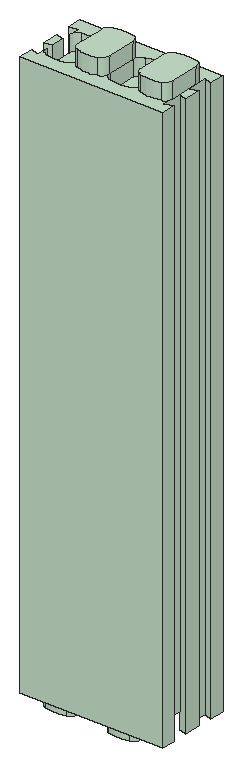
Revit family
Reference planes
  plane 1 "Center (Front/Back)": y = 0
  plane 2: z = 0
  plane 3 "Center (Left/Right)": x = 0
Forms (mm)
  Extrusion 1, solid, material "NUDURA Expanded Polystyrene Foam Insulation"
    sketch origin (0, 0, 0) x (1, 0, 0) y (0, 1, 0)
      loop
        line (25.4, 0) -> (139.7, 0) -> (139.7, 11.396) -> (133.35, 9.695) -> (133.35, 25.112) -> (139.7, 23.529) -> (139.7, 36.796) -> (133.35, 35.095) -> (133.35, 50.512) -> (139.7, 48.929) -> (139.7, 60.325) -> (25.4, 60.325) -> (25.4, 48.929) -> (31.75, 50.63) -> (31.75, 35.213) -> (25.4, 36.796) -> (25.4, 23.529) -> (31.75, 25.23) -> (31.75, 9.813) -> (25.4, 11.396) -> (25.4, 0)
    from 0 to 457.2
  Extrusion 2, void
    sketch origin (25.003, 0, 0) x (1, 0, 0) y (0, 1, 0)
      loop
        arc (75.825, 50.506) -> (75.283, 49.316) -> (74.029, 48.946) r 1.575
        arc (74.029, 48.946) -> (67.927, 49.113) -> (61.943, 47.903) r 26.987
        arc (61.943, 47.903) -> (58.762, 45.597) -> (57.547, 41.861) r 6.35
        line (57.547, 41.861) -> (57.547, 18.464)
        arc (57.547, 18.464) -> (58.762, 14.728) -> (61.943, 12.422) r 6.35
        arc (61.943, 12.422) -> (70.247, 11.112) -> (78.551, 12.422) r 26.987
        arc (78.551, 12.422) -> (81.732, 14.728) -> (82.947, 18.464) r 6.35
        line (82.947, 18.464) -> (82.947, 41.861)
        arc (82.947, 41.861) -> (82.6, 43.93) -> (81.599, 45.773) r 6.35
        arc (81.599, 45.773) -> (81.35, 46.23) -> (81.265, 46.743) r 1.575
        line (81.265, 46.743) -> (81.265, 56.142) -> (75.825, 56.142) -> (75.825, 50.506)
    from 457.2 to 444.5
  Extrusion 3, void
    sketch origin (-25.797, 0, 0) x (1, 0, 0) y (0, 1, 0)
      loop
        arc (75.825, 50.506) -> (75.283, 49.316) -> (74.029, 48.946) r 1.575
        arc (74.029, 48.946) -> (67.927, 49.113) -> (61.943, 47.903) r 26.987
        arc (61.943, 47.903) -> (58.762, 45.597) -> (57.547, 41.861) r 6.35
        line (57.547, 41.861) -> (57.547, 18.464)
        arc (57.547, 18.464) -> (58.762, 14.728) -> (61.943, 12.422) r 6.35
        arc (61.943, 12.422) -> (70.247, 11.112) -> (78.551, 12.422) r 26.987
        arc (78.551, 12.422) -> (81.732, 14.728) -> (82.947, 18.464) r 6.35
        line (82.947, 18.464) -> (82.947, 41.861)
        arc (82.947, 41.861) -> (82.6, 43.93) -> (81.599, 45.773) r 6.35
        arc (81.599, 45.773) -> (81.35, 46.23) -> (81.265, 46.743) r 1.575
        line (81.265, 46.743) -> (81.265, 56.142) -> (75.825, 56.142) -> (75.825, 50.506)
    from 457.2 to 444.5
  Extrusion 4, void
    sketch origin (25.4, 0, 0) x (1, 0, 0) y (0, 1, 0)
      loop
        line (89.672, 50.506) -> (89.672, 56.142) -> (84.232, 56.142) -> (84.232, 46.743)
        arc (84.232, 46.743) -> (84.146, 46.23) -> (83.898, 45.773) r 1.575
        arc (83.898, 45.773) -> (82.896, 43.93) -> (82.55, 41.861) r 6.35
        line (82.55, 41.861) -> (82.55, 18.464)
        arc (82.55, 18.464) -> (83.765, 14.728) -> (86.946, 12.422) r 6.35
        arc (86.946, 12.422) -> (95.25, 11.112) -> (103.554, 12.422) r 26.987
        arc (103.554, 12.422) -> (106.735, 14.728) -> (107.95, 18.464) r 6.35
        line (107.95, 18.464) -> (107.95, 41.861)
        arc (107.95, 41.861) -> (106.735, 45.597) -> (103.554, 47.903) r 6.35
        arc (103.554, 47.903) -> (97.57, 49.113) -> (91.468, 48.946) r 26.987
        arc (91.468, 48.946) -> (90.214, 49.316) -> (89.672, 50.506) r 1.575
      loop
        line (38.872, 50.506) -> (38.872, 56.142) -> (33.432, 56.142) -> (33.432, 46.743)
        arc (33.432, 46.743) -> (33.346, 46.23) -> (33.098, 45.773) r 1.575
        arc (33.098, 45.773) -> (32.096, 43.93) -> (31.75, 41.861) r 6.35
        line (31.75, 41.861) -> (31.75, 18.464)
        arc (31.75, 18.464) -> (32.965, 14.728) -> (36.146, 12.422) r 6.35
        arc (36.146, 12.422) -> (44.45, 11.112) -> (52.754, 12.422) r 26.987
        arc (52.754, 12.422) -> (55.935, 14.728) -> (57.15, 18.464) r 6.35
        line (57.15, 18.464) -> (57.15, 41.861)
        arc (57.15, 41.861) -> (55.935, 45.597) -> (52.754, 47.903) r 6.35
        arc (52.754, 47.903) -> (46.77, 49.113) -> (40.668, 48.946) r 26.987
        arc (40.668, 48.946) -> (39.414, 49.316) -> (38.872, 50.506) r 1.575
    from 0 to 12.7
Cuts and joins
  Extrusion 2, Extrusion 3, Extrusion 4 cuts Extrusion 1
Lines and regions (mm)
  model lines
    curve 1: line (82.55, 0, 457.2) -> (82.55, 0, 0)
Dimensions and locks
  aligned and locked: level to plane 2
Nested families
  nested 1: "Capture Lugs" at (82.55, 142.875, 0), type "Capture Lugs"
  nested 2: "Interlock Tooth" at (57.15, 142.875, 0), type "Interlock Tooth"
  nested 3: "Interlock Tooth" at (107.95, 142.875, 0), type "Interlock Tooth"
  nested 4: "Interlock Tooth" at (31.75, 142.875, -469.9), type "Interlock Tooth"
  nested 5: "Interlock Tooth" at (82.55, 142.875, -469.9), type "Interlock Tooth"
Definition of nested family "Capture Lugs"
  Reference planes
    plane 1 "Center (Front/Back)": y = 0
    plane 2: z = 0
    plane 3 "Center (Left/Right)": x = 0
  Forms (mm)
    Extrusion 1, solid, material "High Density Polystyrene"
      sketch origin (0, 0, 0) x (0, 1, 0) y (0, 0, 1)
        loop
          arc (-82.55, 0) -> (-81.817, 0.502) -> (-81.534, 1.344) r 1.397
          line (-81.534, 1.344) -> (-81.534, 449.4)
          arc (-81.534, 449.4) -> (-81.817, 450.243) -> (-82.55, 450.744) r 1.397
          line (-82.55, 450.744) -> (-82.55, 0)
      from 9.227 to -9.227
    Extrusion 2, solid, material "High Density Polystyrene"
      sketch origin (0, 0, 0) x (0, 1, 0) y (0, 0, 1)
        loop
          line (-81.534, 410.919) -> (-81.534, 380.439) -> (-68.834, 380.439) -> (-68.834, 410.919) -> (-81.534, 410.919)
        loop
          line (-81.534, 361.389) -> (-81.534, 330.909) -> (-68.834, 330.909) -> (-68.834, 361.389) -> (-81.534, 361.389)
        loop
          line (-81.534, 311.859) -> (-81.534, 281.379) -> (-68.834, 281.379) -> (-68.834, 311.859) -> (-81.534, 311.859)
        loop
          line (-81.534, 262.329) -> (-81.534, 234.897) -> (-68.834, 234.897) -> (-68.834, 262.329) -> (-81.534, 262.329)
        loop
          line (-81.534, 215.847) -> (-81.534, 188.415) -> (-68.834, 188.415) -> (-68.834, 215.847) -> (-81.534, 215.847)
        loop
          line (-81.534, 169.365) -> (-81.534, 138.885) -> (-68.834, 138.885) -> (-68.834, 169.365) -> (-81.534, 169.365)
        loop
          line (-81.534, 119.835) -> (-81.534, 89.355) -> (-68.834, 89.355) -> (-68.834, 119.835) -> (-81.534, 119.835)
        loop
          line (-81.534, 70.305) -> (-81.534, 39.825) -> (-68.834, 39.825) -> (-68.834, 70.305) -> (-81.534, 70.305)
      from 6.35 to -6.35
    Extrusion 3, void
      sketch origin (0, 0, 0) x (1, 0, 0) y (0, 1, 0)
        loop
          arc (-6.35, -70.929) -> (-5.736, -69.448) -> (-4.255, -68.834) r 2.095
          line (-4.255, -68.834) -> (-6.35, -68.834) -> (-6.35, -70.929)
      from 0 to 457.2
    Extrusion 4, void
      sketch origin (0, 0, 0) x (-1, 0, 0) y (0, -1, 0)
        loop
          line (-6.35, 70.929) -> (-6.35, 68.834) -> (-4.255, 68.834)
          arc (-4.255, 68.834) -> (-5.736, 69.448) -> (-6.35, 70.929) r 2.095
      from 0 to 457.2
    Extrusion 5, void
      sketch origin (0, 0, 0) x (1, 0, 0) y (0, 1, 0)
        loop
          arc (-1.191, -72.009) -> (0, -78.127) -> (1.191, -72.009) r 3.175
          line (1.191, -72.009) -> (1.191, -68.834) -> (-1.191, -68.834) -> (-1.191, -72.009)
      from 0 to 457.2
  Cuts and joins
    Extrusion 3, Extrusion 4 cuts Extrusion 1
    Extrusion 3, Extrusion 4, Extrusion 5 cuts Extrusion 2
Definition of nested family "Interlock Tooth"
  Reference planes
    plane 1 "Center (Front/Back)": y = 0
    plane 2: z = 0
    plane 3 "Center (Left/Right)": x = 0
    plane 4: z = 457.2
    plane 5: z = 469.9
    plane 6: z = -12.7
  Forms (mm)
    Extrusion 1, solid, material "NUDURA Expanded Polystyrene Foam Insulation"
      sketch origin (0, -225.425, 0) x (1, 0, 0) y (0, 1, 0)
        loop
          arc (0, 101.014) -> (1.215, 97.278) -> (4.396, 94.972) r 6.35
          arc (4.396, 94.972) -> (12.7, 93.663) -> (21.004, 94.972) r 26.988
          arc (21.004, 94.972) -> (24.185, 97.278) -> (25.4, 101.014) r 6.35
          line (25.4, 101.014) -> (25.4, 124.411)
          arc (25.4, 124.411) -> (24.185, 128.147) -> (21.004, 130.453) r 6.35
          arc (21.004, 130.453) -> (12.7, 131.763) -> (4.396, 130.453) r 26.987
          arc (4.396, 130.453) -> (1.215, 128.147) -> (0, 124.411) r 6.35
          line (0, 124.411) -> (0, 101.014)
      from 457.2 to 469.9
  Dimensions and locks
    locked: plane 4 to level at 457.2
    locked: plane 4 to plane 5 at 12.7
    locked: plane 6 to level at 12.7
